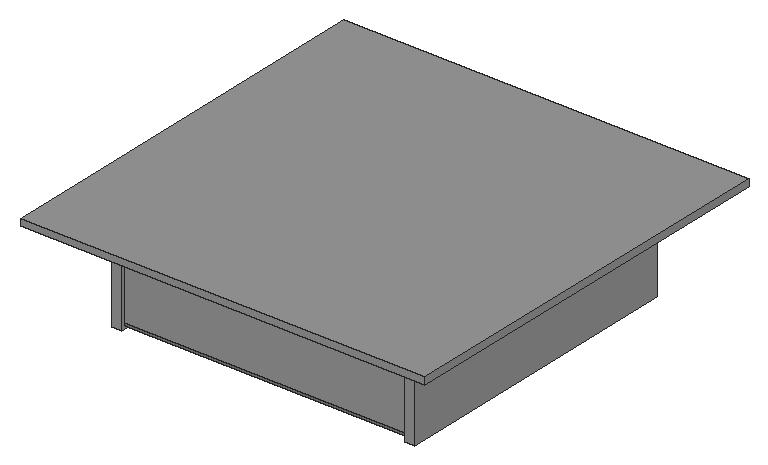
Revit family "Berica 2.0 M", category Lighting Fixtures, Revit 2020 (continued)
Definition of nested family "Light Source Berica 2.0"
  Parameters (values of type "L 45°x96°")
      01 \r\n0.01 0.01 0.01 0.01 0.02 0.08 0.32 0.78 1.23 1.65 2.07 \r\n2.43 2.78 3.14 3.47 3.84 4.76 6.05 7.24 8.34 9.79 12.13 \r\n14.23 16.15 18.81 22.22 26.13 31.20 39.15 44.49 48.76 \r\n53.23 59.90 69.77 78.56 86.23 92.64 99.65 106.56 114.17 \r\n121.75 129.12 136.43 144.28 151.57 159.02 166.16 172.66 \r\n179.50 185.17 191.24 196.51 201.13 205.85 209.85 213.84 \r\n216.82 219.28 221.59 223.31 224.51 \r\n224.51 223.22 221.69 219.29 216.81 213.69 209.72 205.43 \r\n200.95 196.03 190.67 185.07 178.63 172.71 164.68 158.24 \r\n150.69 142.93 135.04 127.71 120.26 112.66 105.52 98.30 \r\n91.57 84.25 76.69 67.16 57.95 51.87 47.33 43.12 36.55 \r\n29.56 24.77 21.09 17.85 15.50 13.59 11.29 9.12 8.00 6.84 \r\n5.68 4.35 3.70 3.33 3.02 2.68 2.30 1.93 1.51 1.08 0.62 \r\n0.24 0.03 0.01 0.01 0.01 0.01 0.01 0.01 0.01 0.01 0.01 \r\n0.01 0.01 0.01 0.01 0.01 0.01 0.02 0.02 0.02 0.02 0.03 \r\n0.03 0.03 0.03 0.03 0.04 0.04 0.04 0.04 0.04 0.04 0.04 \r\n0.04 0.04 0.04 0.04 0.04 0.04 0.04 0.04 0.04 0.04 0.04 \r\n0.04 0.04 0.04 0.03 0.03 0.03 0.03 0.03 0.02 0.02 0.02 \r\n0.02 0.01 0.01 0.01 0.01 0.01 0.01 0.01 0.01 0.01 0.01 \r\n0.01 0.01 0.01 0.01 0.01 0.03 0.24 0.62 1.08 1.51 1.93 \r\n2.30 2.68 3.02 3.33 3.70 4.35 5.68 6.84 8.00 9.12 11.29 \r\n13.59 15.50 17.85 21.09 24.77 29.56 36.55 43.12 47.33 \r\n51.87 57.95 67.16 76.69 84.25 91.57 98.30 105.52 112.66 \r\n120.26 127.71 135.04 142.93 150.69 158.24 164.68 172.71 \r\n178.63 185.07 190.67 196.03 200.95 205.43 209.72 213.69 \r\n216.81 219.29 221.69 223.22 224.51 \r\n224.51 223.29 221.25 219.10 216.15 213.11 208.97 204.73 \r\n199.85 194.75 189.22 183.64 176.99 170.47 162.39 155.63 \r\n148.75 140.18 132.83 124.96 117.74 110.15 102.82 95.75 \r\n89.23 81.44 73.70 62.87 55.44 49.94 45.68 41.21 33.06 \r\n27.67 23.34 19.62 16.78 14.73 12.73 10.33 8.56 7.52 6.31 \r\n5.16 4.00 3.54 3.20 2.87 2.51 2.14 1.78 1.32 0.89 0.42 \r\n0.11 0.02 0.01 0.01 0.01 0.01 0.01 0.01 0.01 0.01 0.01 \r\n0.01 0.01 0.02 0.02 0.02 0.02 0.03 0.03 0.04 0.04 0.04 \r\n0.04 0.04 0.04 0.04 0.05 0.05 0.05 0.05 0.05 0.05 0.05 \r\n0.05 0.05 0.05 0.05 0.05 0.05 0.05 0.05 0.05 0.05 0.05 \r\n0.05 0.05 0.05 0.04 0.04 0.04 0.04 0.04 0.04 0.04 0.03 \r\n0.03 0.02 0.02 0.02 0.02 0.01 0.01 0.01 0.01 0.01 0.01 \r\n0.01 0.01 0.01 0.01 0.01 0.02 0.11 0.42 0.89 1.32 1.78 \r\n2.14 2.51 2.87 3.20 3.54 4.00 5.16 6.31 7.52 8.56 10.33 \r\n12.73 14.73 16.78 19.62 23.34 27.67 33.06 41.21 45.68 \r\n49.94 55.44 62.87 73.70 81.44 89.23 95.75 102.82 110.15 \r\n117.74 124.96 132.83 140.18 148.75 155.63 162.39 170.47 \r\n176.99 183.64 189.22 194.75 199.85 204.73 208.97 213.11 \r\n216.15 219.10 221.25 223.29 224.51 \r\n224.51 223.22 221.69 219.29 216.81 213.69 209.72 205.43 \r\n200.95 196.03 190.67 185.07 178.63 172.71 164.68 158.24 \r\n150.69 142.93 135.04 127.71 120.26 112.66 105.52 98.30 \r\n91.57 84.25 76.69 67.16 57.95 51.87 47.33 43.12 36.55 \r\n29.56 24.77 21.09 17.85 15.50 13.59 11.29 9.12 8.00 6.84 \r\n5.68 4.35 3.70 3.33 3.02 2.68 2.30 1.93 1.51 1.08 0.62 \r\n0.24 0.03 0.01 0.01 0.01 0.01 0.01 0.01 0.01 0.01 0.01 \r\n0.01 0.01 0.01 0.01 0.01 0.01 0.02 0.02 0.02 0.02 0.03 \r\n0.03 0.03 0.03 0.03 0.04 0.04 0.04 0.04 0.04 0.04 0.04 \r\n0.04 0.04 0.04 0.04 0.04 0.04 0.04 0.04 0.04 0.04 0.04 \r\n0.04 0.04 0.04 0.03 0.03 0.03 0.03 0.03 0.02 0.02 0.02 \r\n0.02 0.01 0.01 0.01 0.01 0.01 0.01 0.01 0.01 0.01 0.01 \r\n0.01 0.01 0.01 0.01 0.01 0.03 0.24 0.62 1.08 1.51 1.93 \r\n2.30 2.68 3.02 3.33 3.70 4.35 5.68 6.84 8.00 9.12 11.29 \r\n13.59 15.50 17.85 21.09 24.77 29.56 36.55 43.12 47.33 \r\n51.87 57.95 67.16 76.69 84.25 91.57 98.30 105.52 112.66 \r\n120.26 127.71 135.04 142.93 150.69 158.24 164.68 172.71 \r\n178.63 185.07 190.67 196.03 200.95 205.43 209.72 213.69 \r\n216.81 219.29 221.69 223.22 224.51 \r\n224.51 223.31 221.59 219.28 216.82 213.84 209.85 205.85 \r\n201.13 196.51 191.24 185.17 179.50 172.66 166.16 159.02 \r\n151.57 144.28 136.43 129.12 121.75 114.17 106.56 99.65 \r\n92.64 86.23 78.56 69.77 59.90 53.23 48.76 44.49 39.15 \r\n31.20 26.13 22.22 18.81 16.15 14.23 12.13 9.79 8.34 7.24 \r\n6.05 4.76 3.84 3.47 3.14 2.78 2.43 2.07 1.65 1.23 0.78 \r\n0.32 0.08 0.02 0.01 0.01 0.01 0.01 0.01 0.01 0.01 0.01 \r\n0.01 0.01 0.01 0.01 0.01 0.01 0.01 0.01 0.02 0.02 0.02 \r\n0.02 0.02 0.03 0.03 0.03 0.03 0.03 0.03 0.04 0.04 0.04 \r\n0.04 0.04 0.04 0.04 0.04 0.04 0.04 0.04 0.04 0.04 0.03 \r\n0.03 0.03 0.03 0.03 0.03 0.02 0.02 0.02 0.02 0.02 0.01 \r\n0.01 0.01 0.01 0.01 0.01 0.01 0.01 0.01 0.01 0.01 0.01 \r\n0.01 0.01 0.01 0.01 0.02 0.08 0.32 0.78 1.23 1.65 2.07 \r\n2.43 2.78 3.14 3.47 3.84 4.76 6.05 7.24 8.34 9.79 12.13 \r\n14.23 16.15 18.81 22.22 26.13 31.20 39.15 44.49 48.76 \r\n53.23 59.90 69.77 78.56 86.23 92.64 99.65 106.56 114.17 \r\n121.75 129.12 136.43 144.28 151.57 159.02 166.16 172.66 \r\n179.50 185.17 191.24 196.51 201.13 205.85 209.85 213.84 \r\n216.82 219.28 221.59 223.31 224.51 \r\n224.51 223.26 221.53 219.40 216.94 214.03 210.28 206.17 \r\n201.41 197.08 191.59 186.41 180.78 174.30 167.44 160.51 \r\n153.72 145.67 138.70 131.22 123.33 116.33 109.00 102.11 \r\n95.33 88.54 81.76 72.83 63.91 55.94 50.72 46.64 42.03 \r\n34.66 28.48 24.53 20.59 17.64 15.33 13.44 10.88 9.09 8.00 \r\n6.79 5.56 4.21 3.68 3.30 3.00 2.64 2.27 1.88 1.45 1.03 \r\n0.55 0.20 0.02 0.01 0.01 0.01 0.01 0.01 0.01 0.01 0.01 \r\n0.01 0.01 0.01 0.01 0.01 0.01 0.01 0.01 0.01 0.01 0.01 \r\n0.01 0.02 0.02 0.02 0.02 0.02 0.02 0.02 0.03 0.03 0.03 \r\n0.03 0.03 0.03 0.03 0.03 0.03 0.03 0.03 0.03 0.03 0.02 \r\n0.02 0.02 0.02 0.02 0.02 0.02 0.01 0.01 0.01 0.01 0.01 \r\n0.01 0.01 0.01 0.01 0.01 0.01 0.01 0.01 0.01 0.01 0.01 \r\n0.01 0.01 0.01 0.01 0.02 0.20 0.55 1.03 1.45 1.88 2.27 \r\n2.64 3.00 3.30 3.68 4.21 5.56 6.79 8.00 9.09 10.88 13.44 \r\n15.33 17.64 20.59 24.53 28.48 34.66 42.03 46.64 50.72 \r\n55.94 63.91 72.83 81.76 88.54 95.33 102.11 109.00 116.33 \r\n123.33 131.22 138.70 145.67 153.72 160.51 167.44 174.30 \r\n180.78 186.41 191.59 197.08 201.41 206.17 210.28 214.03 \r\n216.94 219.40 221.53 223.26 224.51 \r\n224.51 223.35 221.73 219.63 217.16 214.47 210.61 207.13 \r\n202.53 198.09 193.03 187.72 182.29 175.89 169.46 162.94 \r\n155.85 148.60 141.49 133.85 126.92 119.29 112.60 105.48 \r\n98.56 92.28 85.63 78.47 69.57 60.76 54.00 49.34 45.24 \r\n40.42 32.69 27.58 23.43 20.06 17.12 15.12 13.08 10.52 \r\n8.92 7.74 6.65 5.22 4.06 3.59 3.25 2.90 2.53 2.18 1.77 \r\n1.35 0.92 0.44 0.13 0.02 0.01 0.01 0.01 0.01 0.01 0.01 \r\n0.01 0.01 0.01 0.01 0.01 0.01 0.01 0.01 0.01 0.01 0.01 \r\n0.01 0.01 0.01 0.01 0.01 0.01 0.01 0.01 0.01 0.01 0.01 \r\n0.02 0.02 0.02 0.02 0.02 0.02 0.02 0.02 0.02 0.01 0.01 \r\n0.01 0.01 0.01 0.01 0.01 0.01 0.01 0.01 0.01 0.01 0.01 \r\n0.01 0.01 0.01 0.01 0.01 0.01 0.01 0.01 0.01 0.01 0.01 \r\n0.01 0.01 0.01 0.01 0.02 0.13 0.44 0.92 1.35 1.77 2.18 \r\n2.53 2.90 3.25 3.59 4.06 5.22 6.65 7.74 8.92 10.52 13.08 \r\n15.12 17.12 20.06 23.43 27.58 32.69 40.42 45.24 49.34 \r\n54.00 60.76 69.57 78.47 85.63 92.28 98.56 105.48 112.60 \r\n119.29 126.92 133.85 141.49 148.60 155.85 162.94 169.46 \r\n175.89 182.29 187.72 193.03 198.09 202.53 207.13 210.61 \r\n214.47 217.16 219.63 221.73 223.35 224.51 \r\n224.51 223.36 221.78 219.73 217.58 214.69 211.54 207.92 \r\n203.46 199.22 194.47 189.82 184.10 178.45 172.15 165.66 \r\n158.77 152.08 145.26 137.95 130.87 123.51 117.05 109.77 \r\n103.13 96.68 90.37 83.66 76.83 67.96 59.72 53.22 48.92 \r\n45.05 40.04 32.86 27.85 23.60 20.19 17.39 15.32 13.37 \r\n10.65 9.01 7.91 6.65 5.43 4.02 3.56 3.23 2.89 2.52 2.18 \r\n1.77 1.35 0.91 0.42 0.11 0.02 0.02 0.01 0.01 0.01 0.01 \r\n0.01 0.01 0.01 0.01 0.01 0.01 0.01 0.01 0.01 0.01 0.01 \r\n0.01 0.01 0.01 0.01 0.01 0.01 0.01 0.01 0.01 0.01 0.01 \r\n0.01 0.01 0.01 0.01 0.01 0.01 0.01 0.01 0.01 0.01 0.01 \r\n0.01 0.01 0.01 0.01 0.01 0.01 0.01 0.01 0.01 0.01 0.01 \r\n0.01 0.01 0.01 0.01 0.01 0.01 0.01 0.01 0.01 0.01 0.01 \r\n0.01 0.01 0.02 0.02 0.11 0.42 0.91 1.35 1.77 2.18 2.52 \r\n2.89 3.23 3.56 4.02 5.43 6.65 7.91 9.01 10.65 13.37 15.32 \r\n17.39 20.19 23.60 27.85 32.86 40.04 45.05 48.92 53.22 \r\n59.72 67.96 76.83 83.66 90.37 96.68 103.13 109.77 117.05 \r\n123.51 130.87 137.95 145.26 152.08 158.77 165.66 172.15 \r\n178.45 184.10 189.82 194.47 199.22 203.46 207.92 211.54 \r\n214.69 217.58 219.73 221.78 223.36 224.51 \r\n224.51 223.45 222.04 220.09 217.91 215.49 212.60 208.79 \r\n204.91 201.06 196.52 191.85 186.53 181.00 175.53 168.88 \r\n163.10 156.30 149.97 142.93 135.84 129.08 122.27 115.56 \r\n108.75 102.25 95.81 89.72 83.50 77.00 68.84 60.70 53.96 \r\n49.42 45.48 41.37 34.47 29.08 25.14 21.31 18.49 16.09 \r\n14.20 11.52 9.53 8.34 7.14 5.90 4.35 3.66 3.30 2.96 2.58 \r\n2.25 1.84 1.44 0.99 0.54 0.17 0.03 0.02 0.01 0.01 0.01 \r\n0.01 0.01 0.01 0.01 0.01 0.01 0.01 0.01 0.01 0.01 0.01 \r\n0.01 0.01 0.01 0.01 0.01 0.01 0.01 0.01 0.01 0.01 0.01 \r\n0.01 0.01 0.01 0.01 0.01 0.01 0.01 0.01 0.01 0.01 0.01 \r\n0.01 0.01 0.01 0.01 0.01 0.01 0.01 0.01 0.01 0.01 0.01 \r\n0.01 0.01 0.01 0.01 0.01 0.01 0.01 0.01 0.01 0.01 0.01 \r\n0.01 0.02 0.03 0.17 0.54 0.99 1.44 1.84 2.25 2.58 2.96 \r\n3.30 3.66 4.35 5.90 7.14 8.34 9.53 11.52 14.20 16.09 \r\n18.49 21.31 25.14 29.08 34.47 41.37 45.48 49.42 53.96 \r\n60.70 68.84 77.00 83.50 89.72 95.81 102.25 108.75 115.56 \r\n122.27 129.08 135.84 142.93 149.97 156.30 163.10 168.88 \r\n175.53 181.00 186.53 191.85 196.52 201.06 204.91 208.79 \r\n212.60 215.49 217.91 220.09 222.04 223.45 224.51 \r\n224.51 223.46 222.16 220.17 218.27 216.08 213.19 210.26 \r\n206.39 202.62 198.50 194.11 189.30 184.16 178.70 172.99 \r\n167.40 160.92 155.30 148.41 142.16 135.03 128.54 121.95 \r\n114.95 108.74 102.30 96.18 90.46 84.73 78.35 71.16 63.30 \r\n56.12 51.11 47.03 43.46 38.05 31.63 27.64 23.65 20.31 \r\n17.59 15.55 13.24 10.80 9.08 8.02 6.84 5.22 3.91 3.43 \r\n3.12 2.75 2.40 2.03 1.63 1.22 0.75 0.33 0.04 0.02 0.02 \r\n0.01 0.01 0.01 0.01 0.01 0.01 0.01 0.01 0.01 0.01 0.01 \r\n0.01 0.01 0.01 0.01 0.01 0.01 0.01 0.01 0.01 0.01 0.01 \r\n0.01 0.01 0.01 0.01 0.01 0.01 0.01 0.01 0.01 0.01 0.01 \r\n0.01 0.01 0.01 0.01 0.01 0.01 0.01 0.01 0.01 0.01 0.01 \r\n0.01 0.01 0.01 0.01 0.01 0.01 0.01 0.01 0.01 0.01 0.01 \r\n0.02 0.02 0.04 0.33 0.75 1.22 1.63 2.03 2.40 2.75 3.12 \r\n3.43 3.91 5.22 6.84 8.02 9.08 10.80 13.24 15.55 17.59 \r\n20.31 23.65 27.64 31.63 38.05 43.46 47.03 51.11 56.12 \r\n63.30 71.16 78.35 84.73 90.46 96.18 102.30 108.74 114.95 \r\n121.95 128.54 135.03 142.16 148.41 155.30 160.92 167.40 \r\n172.99 178.70 184.16 189.30 194.11 198.50 202.62 206.39 \r\n210.26 213.19 216.08 218.27 220.17 222.16 223.46 224.51 \r\n224.51 223.55 222.22 220.49 218.78 216.75 214.34 211.48 \r\n208.02 204.61 200.53 196.61 192.21 187.88 182.56 177.42 \r\n172.10 166.49 160.43 154.52 148.64 141.75 136.02 128.95 \r\n122.76 116.20 110.01 103.70 97.84 92.46 86.82 81.31 75.34 \r\n68.65 60.33 54.32 49.76 46.16 42.51 37.40 31.32 27.39 \r\n23.49 20.29 17.69 15.50 13.26 10.66 9.17 8.01 6.68 5.05 \r\n3.77 3.32 3.02 2.64 2.29 1.92 1.51 1.08 0.60 0.18 0.03 \r\n0.02 0.02 0.01 0.01 0.01 0.01 0.01 0.01 0.01 0.01 0.01 \r\n0.01 0.01 0.01 0.01 0.01 0.01 0.01 0.01 0.01 0.01 0.01 \r\n0.01 0.01 0.01 0.01 0.01 0.01 0.01 0.01 0.01 0.01 0.01 \r\n0.01 0.01 0.01 0.01 0.01 0.01 0.01 0.01 0.01 0.01 0.01 \r\n0.01 0.01 0.01 0.01 0.01 0.01 0.01 0.01 0.01 0.02 0.02 \r\n0.03 0.18 0.60 1.08 1.51 1.92 2.29 2.64 3.02 3.32 3.77 \r\n5.05 6.68 8.01 9.17 10.66 13.26 15.50 17.69 20.29 23.49 \r\n27.39 31.32 37.40 42.51 46.16 49.76 54.32 60.33 68.65 \r\n75.34 81.31 86.82 92.46 97.84 103.70 110.01 116.20 122.76 \r\n128.95 136.02 141.75 148.64 154.52 160.43 166.49 172.10 \r\n177.42 182.56 187.88 192.21 196.61 200.53 204.61 208.02 \r\n211.48 214.34 216.75 218.78 220.49 222.22 223.55 224.51 \r\n224.51 223.59 222.53 220.94 219.17 217.34 215.31 212.67 \r\n209.75 206.44 203.12 199.29 195.32 191.31 186.75 182.32 \r\n177.02 172.11 166.53 161.06 155.23 149.50 143.38 137.56 \r\n131.02 125.12 118.51 112.76 106.52 100.79 95.84 90.16 \r\n85.08 79.75 74.34 67.41 60.76 54.59 49.85 46.25 42.93 \r\n39.00 33.10 28.79 24.86 21.42 18.55 16.39 14.10 11.71 \r\n9.60 8.41 6.99 5.33 3.82 3.33 3.00 2.64 2.29 1.89 1.50 \r\n1.06 0.58 0.12 0.03 0.02 0.02 0.02 0.02 0.02 0.01 0.01 \r\n0.01 0.01 0.01 0.01 0.01 0.01 0.01 0.01 0.01 0.01 0.01 \r\n0.01 0.01 0.01 0.01 0.01 0.01 0.01 0.01 0.01 0.01 0.01 \r\n0.01 0.01 0.01 0.01 0.01 0.01 0.01 0.01 0.01 0.01 0.01 \r\n0.01 0.01 0.01 0.01 0.01 0.01 0.02 0.02 0.02 0.02 0.02 \r\n0.03 0.12 0.58 1.06 1.50 1.89 2.29 2.64 3.00 3.33 3.82 \r\n5.33 6.99 8.41 9.60 11.71 14.10 16.39 18.55 21.42 24.86 \r\n28.79 33.10 39.00 42.93 46.25 49.85 54.59 60.76 67.41 \r\n74.34 79.75 85.08 90.16 95.84 100.79 106.52 112.76 118.51 \r\n125.12 131.02 137.56 143.38 149.50 155.23 161.06 166.53 \r\n172.11 177.02 182.32 186.75 191.31 195.32 199.29 203.12 \r\n206.44 209.75 212.67 215.31 217.34 219.17 220.94 222.53 \r\n223.59 224.51 \r\n224.51 223.68 222.66 221.30 219.72 218.03 216.36 214.19 \r\n211.56 208.83 205.53 202.31 198.76 195.17 190.82 186.82 \r\n182.18 177.84 173.12 167.78 162.72 157.37 152.02 146.01 \r\n140.45 134.67 128.64 122.58 116.78 111.16 105.71 100.18 \r\n94.94 89.66 84.60 79.65 75.20 69.75 63.35 57.01 51.59 \r\n47.98 44.25 41.31 36.89 31.65 27.66 24.01 20.99 17.99 \r\n15.84 13.49 10.72 9.08 7.88 6.26 4.60 3.42 3.06 2.71 2.32 \r\n1.98 1.55 1.16 0.66 0.21 0.06 0.05 0.04 0.04 0.03 0.03 \r\n0.03 0.02 0.02 0.02 0.02 0.02 0.02 0.01 0.01 0.01 0.01 \r\n0.01 0.01 0.01 0.01 0.01 0.01 0.01 0.01 0.01 0.01 0.01 \r\n0.01 0.01 0.01 0.01 0.01 0.01 0.01 0.01 0.02 0.02 0.02 \r\n0.02 0.02 0.02 0.03 0.03 0.03 0.04 0.04 0.05 0.06 0.21 \r\n0.66 1.16 1.55 1.98 2.32 2.71 3.06 3.42 4.60 6.26 7.88 \r\n9.08 10.72 13.49 15.84 17.99 20.99 24.01 27.66 31.65 \r\n36.89 41.31 44.25 47.98 51.59 57.01 63.35 69.75 75.20 \r\n79.65 84.60 89.66 94.94 100.18 105.71 111.16 116.78 \r\n122.58 128.64 134.67 140.45 146.01 152.02 157.37 162.72 \r\n167.78 173.12 177.84 182.18 186.82 190.82 195.17 198.76 \r\n202.31 205.53 208.83 211.56 214.19 216.36 218.03 219.72 \r\n221.30 222.66 223.68 224.51 \r\n224.51 223.86 222.87 221.70 220.22 218.88 217.19 215.46 \r\n213.25 210.81 208.08 205.19 201.94 198.78 195.02 191.55 \r\n187.58 183.58 179.21 174.95 170.10 165.48 160.52 155.27 \r\n150.00 144.47 139.16 133.56 128.02 122.63 116.75 111.61 \r\n106.15 100.78 95.63 90.67 85.98 81.44 76.94 72.71 67.39 \r\n61.95 56.01 51.03 47.33 43.71 40.90 37.28 32.61 28.34 \r\n24.81 21.53 18.50 15.92 13.61 10.95 9.06 7.74 6.16 4.29 \r\n3.22 2.85 2.50 2.13 1.74 1.34 0.92 0.43 0.17 0.15 0.13 \r\n0.12 0.11 0.10 0.09 0.07 0.06 0.05 0.04 0.03 0.03 0.02 \r\n0.02 0.02 0.02 0.02 0.02 0.02 0.02 0.02 0.02 0.02 0.02 \r\n0.02 0.02 0.02 0.02 0.02 0.02 0.02 0.03 0.03 0.04 0.05 \r\n0.06 0.07 0.09 0.10 0.11 0.12 0.13 0.15 0.17 0.43 0.92 \r\n1.34 1.74 2.13 2.50 2.85 3.22 4.29 6.16 7.74 9.06 10.95 \r\n13.61 15.92 18.50 21.53 24.81 28.34 32.61 37.28 40.90 \r\n43.71 47.33 51.03 56.01 61.95 67.39 72.71 76.94 81.44 \r\n85.98 90.67 95.63 100.78 106.15 111.61 116.75 122.63 \r\n128.02 133.56 139.16 144.47 150.00 155.27 160.52 165.48 \r\n170.10 174.95 179.21 183.58 187.58 191.55 195.02 198.78 \r\n201.94 205.19 208.08 210.81 213.25 215.46 217.19 218.88 \r\n220.22 221.70 222.87 223.86 224.51 \r\n224.51 223.89 223.05 222.05 220.93 219.68 218.18 216.66 \r\n214.74 212.95 210.50 208.11 205.32 202.61 199.31 196.10 \r\n192.71 189.16 185.50 181.57 177.67 173.21 169.17 164.58 \r\n160.07 154.75 149.97 144.81 139.65 134.46 129.25 124.09 \r\n118.71 113.76 108.22 103.39 98.07 93.55 88.58 84.45 80.04 \r\n75.84 71.80 67.56 63.09 57.89 52.65 48.05 44.49 41.30 \r\n38.49 35.01 30.88 26.83 23.45 20.11 17.14 14.64 11.93 \r\n9.35 7.93 6.36 4.60 3.31 2.85 2.49 2.10 1.72 1.32 0.88 \r\n0.47 0.34 0.30 0.27 0.24 0.21 0.18 0.16 0.13 0.11 0.09 \r\n0.06 0.05 0.03 0.02 0.02 0.02 0.02 0.02 0.02 0.02 0.02 \r\n0.02 0.02 0.02 0.02 0.02 0.03 0.05 0.06 0.09 0.11 0.13 \r\n0.16 0.18 0.21 0.24 0.27 0.30 0.34 0.47 0.88 1.32 1.72 \r\n2.10 2.49 2.85 3.31 4.60 6.36 7.93 9.35 11.93 14.64 17.14 \r\n20.11 23.45 26.83 30.88 35.01 38.49 41.30 44.49 48.05 \r\n52.65 57.89 63.09 67.56 71.80 75.84 80.04 84.45 88.58 \r\n93.55 98.07 103.39 108.22 113.76 118.71 124.09 129.25 \r\n134.46 139.65 144.81 149.97 154.75 160.07 164.58 169.17 \r\n173.21 177.67 181.57 185.50 189.16 192.71 196.10 199.31 \r\n202.61 205.32 208.11 210.50 212.95 214.74 216.66 218.18 \r\n219.68 220.93 222.05 223.05 223.89 224.51 \r\n224.51 224.02 223.28 222.51 221.63 220.52 219.28 217.94 \r\n216.41 214.78 212.92 210.96 208.62 206.44 203.59 200.79 \r\n197.92 194.83 191.34 188.26 184.71 181.18 177.34 173.29 \r\n169.62 164.84 160.89 155.99 151.39 146.33 141.88 137.09 \r\n132.15 126.97 121.91 116.98 111.80 106.88 102.37 97.34 \r\n92.96 88.32 83.83 79.75 75.43 71.37 67.54 63.70 60.15 \r\n55.89 51.50 47.05 
